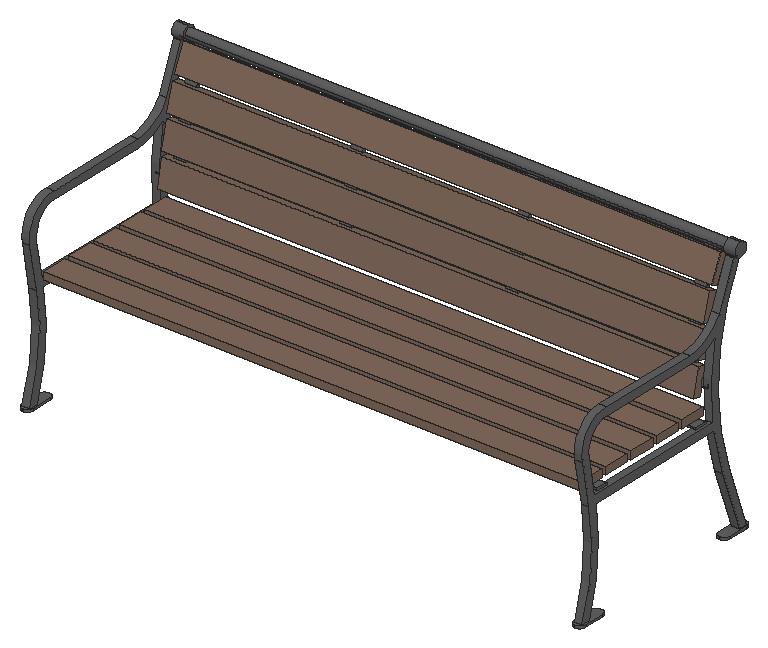
Revit family "Bench-SiteScapes-Avondale-Backed-Wood_Slat", category Furniture, Revit 2015
Parameters (values of type "AV1-1000")
  URL = "http://www.sitescapesonline.com/index.asp"
  Type Comments = "Backed Bench"
  Side Panel Width = Length  # 6' - 0"
  Seat Material = Wood - SiteScapes - IPE - Brown
  Product data url = "https://bimobject.com/sitescapes/product/sitescapes-003a"
  Product Page URL = "http://www.sitescapesonline.com/avondale-park-benches.asp"
  Product Documentation Link = "http://www.sitescapesonline.com/PDF/AV1-1000%20-%20Customer%20Print.PDF"
  Panel Seat Inset Bottom = 1' - 3 23/32"
  Panel Seat Inset Back = 2' - 1 21/32"
  Panel Back Width = 5' - 10"
  Panel Back Inset Bottom = 2' - 8 21/32"
  Model = "AV1-1000"
  Manufacturer = "SiteScapes Inc."  # constant formula
  Length = 6' - 0"
  Height = 2' - 9 7/8"
  Frame Width = 5' - 10"
  Bench Material = Steel - SiteScapes - Powder Coat - Onyx
  Frame Back Inset Bottom = 2' - 9 11/16"
  Frame Back Inset Back = 0' - 1 1/16"
  Description = "Wood Slat, Backed Bench, Six foot length, Steel Bar Ends"
  Depth = 2' - 4 45/64"
  Copyright © = "2010 SiteScapes Inc."  # constant formula
  Center Armrest Inset Back = 0' - 4 7/8"
  Bracing Inset Bottom = 1' - 2 23/32"
  Bracing Inset Back = 2' - 0 23/128"
  Armrest Inset Bottom = 1' - 3 3/16"
  Arm Rest Inset Back = 1' - 8"
  Arm Rest Type = Unused-SiteScapes-Component : Empty Space
  Arm Rest Center = Unused-SiteScapes-Component : Empty Space
  Panel Back Type = Panel-Back-SiteScapes-Wood_Slat : Wood_Slats-6ft
  Seat Panel = Seat-Panel-SiteScapes-Wood_Slat : Wood_Slat-6ft
  Bracing Horizontal Type = Bracing-Horizontal-SiteScapes-Steel_Flat_Bar : 1 1/2"x1/4"
  Back Type = Frame-Back-SiteScapes-Steel_Bar : 5 5/8"x1' 3 13/32"
  Bench End = Bench-End-SiteScapes-Steel_Bar : 27 3/4"x33 7/8"
Reference planes (in)
  plane 1 "Center Front/Back": y = 0
  plane 2 "Original Bottom": z = 0
  plane 3 "Center Left/Right": x = 0
  plane 4 "Left": x = -36
  plane 5 "Right": x = 36
  plane 6 "Side Panel Width L": x = -37
  plane 7 "Side Panel Width R": x = 37
  plane 8 "Front": y = -28.70312
  plane 9 "Frame Side Origin F/B": y = 0
  plane 10 "Frame Side Origin T/B": z = 0
  plane 11 "Frame Back Origin F/B": y = -1.0625
  plane 12 "Frame Back Origin T/B": z = 33.6875
  plane 13 "Bracing Origin F/B": y = -24.17969
  plane 14 "Bracing Origin T/B": z = 14.71875
  plane 15 "Panel Seat Origin F/B": y = -25.65625
  plane 16 "Panel Seat Origin T/B": z = 15.71875
  plane 17 "Panel Back Origin F/B": y = -1.96875
  plane 18 "Panel Back Origin T/B": z = 32.65625
  plane 19 "Panel Side Origin F/B": y = -5.5
  plane 20 "Panel Side Origin T/B": z = 14.72
  plane 21 "Top": z = 33.875
  plane 22 "Side Panel Right": x = 36
  plane 23 "Side Panel Left": x = -36
  plane 24 "Arm Rest Origin T/B": z = 15.1875
  plane 25 "Arm Rest Origin F/B": y = -4.875
Dimensions and locks (in)
  equal spacing: plane 4 "Left", plane 3 "Center Left/Right", plane 5 "Right"
  "Length": plane 4 "Left" to plane 5 "Right"
  locked: plane 6 "Side Panel Width L" to plane 23 "Side Panel Left" at 1
  locked: plane 22 "Side Panel Right" to plane 7 "Side Panel Width R" at 1
  locked: plane 9 "Frame Side Origin F/B" to plane 1 "Center Front/Back"
  locked: plane 17 "Panel Back Origin F/B" to plane 1 "Center Front/Back" at 1.96875
  "Frame Back Inset Back": plane 11 "Frame Back Origin F/B" to plane 1 "Center Front/Back"
  locked: plane 19 "Panel Side Origin F/B" to plane 1 "Center Front/Back" at 5.5
  "Bracing Inset Back": plane 13 "Bracing Origin F/B" to plane 1 "Center Front/Back"
  "Panel Seat Inset Back": plane 15 "Panel Seat Origin F/B" to plane 1 "Center Front/Back"
  "Depth": plane 8 "Front" to plane 1 "Center Front/Back"
  locked: plane 10 "Frame Side Origin T/B" to plane 2 "Original Bottom"
  "Frame Back Inset Bottom": plane 12 "Frame Back Origin T/B" to plane 2 "Original Bottom"
  "Panel Back Inset Bottom": plane 18 "Panel Back Origin T/B" to plane 2 "Original Bottom"
  "Bracing Inset Bottom": plane 14 "Bracing Origin T/B" to plane 2 "Original Bottom"
  locked: plane 20 "Panel Side Origin T/B" to plane 2 "Original Bottom" at 14.72
  "Panel Seat Inset Bottom": plane 16 "Panel Seat Origin T/B" to plane 2 "Original Bottom"
  "Height": plane 21 "Top" to plane 2 "Original Bottom"
  equal spacing: plane 23 "Side Panel Left", plane 3 "Center Left/Right", plane 22 "Side Panel Right"
  "Side Panel Width": plane 23 "Side Panel Left" to plane 22 "Side Panel Right"
  "Armrest Inset Bottom": plane 24 "Arm Rest Origin T/B" to plane 2 "Original Bottom"
  "Center Armrest Inset Back": plane 25 "Arm Rest Origin F/B" to plane 9 "Frame Side Origin F/B"
  aligned and locked: level to plane 2 "Original Bottom"
  aligned: nested 1 to plane 5 "Right"
  aligned: plane 4 "Left" to nested 2
  aligned: nested 1 to plane 10 "Frame Side Origin T/B"
  aligned: nested 1 to plane 9 "Frame Side Origin F/B"  (x2)
  aligned and locked: plane 3 "Center Left/Right" to nested 3
  aligned: nested 3 to plane 17 "Panel Back Origin F/B"
  aligned: plane 18 "Panel Back Origin T/B" to nested 3
  aligned and locked: plane 14 "Bracing Origin T/B" to nested 4
  aligned and locked: plane 13 "Bracing Origin F/B" to nested 4
  aligned and locked: plane 3 "Center Left/Right" to nested 4
  aligned: plane 15 "Panel Seat Origin F/B" to nested 5
  aligned and locked: plane 3 "Center Left/Right" to nested 5
  aligned: plane 10 "Frame Side Origin T/B" to nested 1
  aligned: plane 16 "Panel Seat Origin T/B" to nested 5
  aligned: nested 1 to plane 22 "Side Panel Right"
  aligned: plane 23 "Side Panel Left" to nested 2
  aligned and locked: plane 20 "Panel Side Origin T/B" to nested 6
  aligned and locked: nested 6 to plane 19 "Panel Side Origin F/B"
  aligned and locked: nested 7 to plane 19 "Panel Side Origin F/B"
  aligned and locked: plane 20 "Panel Side Origin T/B" to nested 7
  aligned and locked: plane 23 "Side Panel Left" to nested 7
  aligned and locked: nested 6 to plane 22 "Side Panel Right"
  aligned and locked: nested 8 to plane 25 "Arm Rest Origin F/B"
  aligned and locked: plane 24 "Arm Rest Origin T/B" to nested 8
  aligned and locked: plane 3 "Center Left/Right" to nested 8
  aligned and locked: plane 10 "Frame Side Origin T/B" to nested 2
  aligned and locked: plane 10 "Frame Side Origin T/B" to nested 1
  aligned: nested 2 to plane 9 "Frame Side Origin F/B"
  aligned and locked: nested 5 to nested 9
  aligned and locked: nested 3 to nested 9
  aligned: plane 24 "Arm Rest Origin T/B" to nested 9
  aligned and locked: nested 2 to plane 23 "Side Panel Left"
  aligned and locked: nested 1 to plane 22 "Side Panel Right"
  aligned and locked: plane 16 "Panel Seat Origin T/B" to nested 5
  aligned and locked: plane 15 "Panel Seat Origin F/B" to nested 5
  aligned: plane 17 "Panel Back Origin F/B" to nested 9
  aligned and locked: nested 11 to plane 11 "Frame Back Origin F/B"
  aligned and locked: plane 12 "Frame Back Origin T/B" to nested 11
  aligned and locked: nested 3 to plane 17 "Panel Back Origin F/B"
  aligned and locked: nested 1 to plane 9 "Frame Side Origin F/B"
  aligned and locked: nested 2 to plane 9 "Frame Side Origin F/B"
  aligned and locked: plane 18 "Panel Back Origin T/B" to nested 3
  aligned and locked: plane 2 "Original Bottom" to nested 10
  aligned and locked: plane 1 "Center Front/Back" to nested 10
Nested families (in)
  nested 1: "Bench-End-SiteScapes-Steel_Bar" at (36, 0, 0), type <- "Bench End", type "27 3/4"x33 7/8""
  nested 2: "Bench-End-SiteScapes-Steel_Bar" at (-36, 0, 0), type <- "Bench End", type "27 3/4"x33 7/8""
  nested 3: "Panel-Back-SiteScapes-Wood_Slat" at (0, -1.96875, 17.10204), type <- "Panel Back Type", type "Wood_Slats-6ft"
  nested 4: "Bracing-Horizontal-SiteScapes-Steel_Flat_Bar" at (0, -6.55469, 14.46875), type <- "Bracing Horizontal Type", type "1 1/2"x1/4""
  nested 5: "Seat-Panel-SiteScapes-Wood_Slat" at (0, -5.65625, 14.71875), type <- "Seat Panel", type "Wood_Slat-6ft"
  nested 6: "Unused-SiteScapes-Component" at (34, -5.5, 14.72), type "Empty Space"
  nested 7: "Unused-SiteScapes-Component" at (-34, -5.5, 14.72), type "Empty Space"
  nested 8: "Unused-SiteScapes-Component" at (0, -4.875, 15.1875), type <- "Arm Rest Center", type "Empty Space"
  nested 9: "Unused-SiteScapes-Component" at (-35.25, -1.96875, 14.71875), type <- "Arm Rest Type", type "Empty Space"
  nested 10: "Unused-SiteScapes-Component" at (35, 0, 0), type <- "Arm Rest Type", type "Empty Space"
  nested 11: "Frame-Back-SiteScapes-Steel_Bar" at (0, -1.0625, 18.28906), type <- "Back Type", type "5 5/8"x1' 3 13/32""
Definition of nested family "Bench-End-SiteScapes-Steel_Bar"
  Parameters
    Width = 0' - 1"
    URL = "http://www.sitescapesonline.com/index.asp"
    Product Page URL = ""
    Product Documentation Link = ""
    Material = none
    Manufacturer = "SiteScapes Inc."  # constant formula
    Frame Back Height = 2' - 9 7/8"
    Depth = 2' - 3 3/4"
    Copyright © = "2010 SiteScapes Inc."  # constant formula
    Bracing Height Inset = 1' - 2 1/2"
    Assembly Code = ""
    Arm Rest Height = 2' - 0"
  Reference planes (in)
    plane 1 "Center (Front/Back)": y = 0
    plane 2 "Original Bottom": z = 0
    plane 3 "Center (Left/Right)": x = 0
    plane 4 "Left": x = -0.5
    plane 5 "Right": x = 0.5
    plane 6 "Front": y = -27.75
    plane 7 "Top": z = 33.875
    plane 8 "Arm Rest Top": z = 24
    plane 9 "Frame Horizontal Top": z = 14.5
    plane 10 "Right Offset": x = 0.75
    plane 11 "Left Offset": x = -0.75
    plane 12 "Front Inset": y = -23.5
    plane 13 "Back Inset": y = -4.25
    plane 14 "Bottom Base": z = 0.25
  Forms (in)
    Sweep 1, solid, material <- "Material", detail levels medium+fine
      path origin (0, 0, 0) x (1, 0, 0) y (0, 0, 1)
        loop
          line (0.5, 33.875) -> (-0.5, 33.875)
      profile origin (0, 0, 33.875) x (0, 0, -1) y (0, -1, 0)
        loop
          line (1.51471, 2.59182) -> (1.40441, 2.53299) -> (1.875, 1.65064) -> (1.98051, 1.70691)
          arc (1.98051, 1.70691) -> (13.6739, 5.07687) -> (25.72665, 3.39662) r 29.25
          line (25.72665, 3.39662) -> (33.625, 0.53078) -> (33.625, 1.59457) -> (26.06671, 4.33702)
          arc (26.06671, 4.33702) -> (23.25634, 5.20452) -> (20.375, 5.79498) r 30.25
          line (20.375, 5.79498) -> (20.375, 25.1044)
          arc (20.375, 25.1044) -> (27.07034, 24.78433) -> (33.625, 26.1866) r 26
          line (33.625, 26.1866) -> (33.625, 27.25)
          arc (33.625, 27.25) -> (27.04652, 25.78578) -> (20.31596, 26.132) r 25
          line (20.31596, 26.132) -> (14.67898, 27.19453)
          arc (14.67898, 27.19453) -> (11.34675, 26.37583) -> (9.875, 23.27616) r 4
          line (9.875, 23.27616) -> (9.875, 9.58814)
          arc (9.875, 9.58814) -> (9.13376, 6.86437) -> (7.11447, 4.89185) r 5.375
          arc (7.11447, 4.89185) -> (4.25691, 3.88226) -> (1.51471, 2.59182) r 30.25
        loop
          arc (10.87482, 9.58712) -> (10.48587, 7.39449) -> (9.36649, 5.46943) r 6.37474
          arc (9.36649, 5.46943) -> (14.35143, 6.11829) -> (19.375, 5.93265) r 30.25
          line (19.375, 5.93265) -> (19.375, 25.29176) -> (14.43146, 26.22358)
          arc (14.43146, 26.22358) -> (11.9605, 25.58533) -> (10.875, 23.27564) r 3
          line (10.875, 23.27564) -> (10.87482, 9.58712)
    Sweep 2, solid, material <- "Material", detail levels medium+fine
      path origin (0, 0, 0) x (1, 0, 0) y (0, 0, 1)
        loop
          line (0.75, 33.875) -> (-0.75, 33.875)
      profile origin (0, 0, 33.875) x (0, 0, -1) y (0, -1, 0)
        loop
          circle (0.87465, 1.69538) r 0.875
    Extrusion 3, solid, material <- "Material", detail levels medium+fine
      sketch origin (-35.89032, -36.63286, 0) x (1, 0, 0) y (0, 1, 0)
        loop
          arc (36.64032, 35.88337) -> (35.89032, 36.63337) -> (35.14032, 35.88337) r 0.75
          line (35.14032, 35.88337) -> (35.14032, 33.13286)
          arc (35.14032, 33.13286) -> (35.35999, 32.60253) -> (35.89032, 32.38286) r 0.75
          arc (35.89032, 32.38286) -> (36.42065, 32.60253) -> (36.64032, 33.13286) r 0.75
          line (36.64032, 33.13286) -> (36.64032, 35.88337)
      from 0 to 0.25
    Extrusion 4, solid, material <- "Material", detail levels medium+fine
      sketch origin (-35.89032, -60.13286, 0) x (1, 0, 0) y (0, 1, 0)
        loop
          arc (36.64032, 35.88337) -> (35.89032, 36.63337) -> (35.14032, 35.88337) r 0.75
          line (35.14032, 35.88337) -> (35.14032, 33.13286)
          arc (35.14032, 33.13286) -> (35.35999, 32.60253) -> (35.89032, 32.38286) r 0.75
          arc (35.89032, 32.38286) -> (36.42065, 32.60253) -> (36.64032, 33.13286) r 0.75
          line (36.64032, 33.13286) -> (36.64032, 35.88337)
      from 0 to 0.25
  Cuts and joins
    joined: Sweep 1, Extrusion 3, Extrusion 4
  Lines and regions (in)
    Masking region 1, detail levels medium+fine
      outline origin (0, 0, 0) x (0, 1, 0) y (0, 0, 1)
        loop
          line (-9.58814, 24) -> (-23.27616, 24)
          arc (-23.27616, 24) -> (-26.37583, 22.52825) -> (-27.19453, 19.19602) r 4
          line (-27.19453, 19.19602) -> (-26.132, 13.55904)
          arc (-26.132, 13.55904) -> (-25.78578, 6.82848) -> (-27.25, 0.25) r 25
          line (-27.25, 0.25) -> (-27.75, 0.25) -> (-27.75, 0) -> (-23.5, 0) -> (-23.5, 0.25) -> (-26.1866, 0.25)
          arc (-26.1866, 0.25) -> (-24.78433, 6.80466) -> (-25.1044, 13.5) r 26
          line (-25.1044, 13.5) -> (-5.79498, 13.5)
          arc (-5.79498, 13.5) -> (-5.20452, 10.61866) -> (-4.33702, 7.80829) r 30.25
          line (-4.33702, 7.80829) -> (-1.59457, 0.25) -> (-4.25, 0.25) -> (-4.25, 0) -> (0, 0) -> (0, 0.25) -> (-0.53078, 0.25) -> (-3.39662, 8.14835)
          arc (-3.39662, 8.14835) -> (-5.07687, 20.2011) -> (-1.70691, 31.8945) r 29.25
          line (-1.70691, 31.8945) -> (-1.65064, 32) -> (-2.53299, 32.47059) -> (-2.59181, 32.36029)
          arc (-2.59181, 32.36029) -> (-3.88226, 29.61809) -> (-4.89185, 26.76053) r 30.25
          arc (-4.89185, 26.76053) -> (-6.86437, 24.74124) -> (-9.58814, 24) r 5.375
        loop
          line (-25.29176, 14.5) -> (-5.93265, 14.5)
          arc (-5.93265, 14.5) -> (-6.11829, 19.52357) -> (-5.46943, 24.50851) r 30.25
          arc (-5.46943, 24.50851) -> (-7.39449, 23.38913) -> (-9.58712, 23.00018) r 6.37474
          line (-9.58712, 23.00018) -> (-23.27564, 23)
          arc (-23.27564, 23) -> (-25.58533, 21.9145) -> (-26.22358, 19.44354) r 3
          line (-26.22358, 19.44354) -> (-25.29176, 14.5)
    Masking region 2
      outline origin (0, 0, 0) x (0, 1, 0) y (0, 0, 1)
        loop
          circle (-1.69538, 33.00035) r 0.875
    Masking region 3, detail levels medium+fine
      outline origin (0, -27.75, 0) x (-1, 0, 0) y (0, 0, 1)
        loop
          line (0.75, 0) -> (0.75, 0.25) -> (0.5, 0.25) -> (0.5, 32.12535) -> (0.75, 32.12535) -> (0.75, 33.875) -> (-0.75, 33.875) -> (-0.75, 32.12777) -> (-0.5, 32.12777) -> (-0.5, 0.25) -> (-0.75, 0.25) -> (-0.75, 0) -> (0.75, 0)
    Masking region 4, detail levels medium+fine
      outline origin (0, -27.75, 0) x (-1, 0, 0) y (0, 0, 1)
        loop
          line (0.75, 33.875) -> (-0.75, 33.875) -> (-0.75, 32.12777) -> (-0.5, 32.12777) -> (-0.5, 0.25) -> (-0.75, 0.25) -> (-0.75, 0) -> (0.75, 0) -> (0.75, 0.25) -> (0.5, 0.25) -> (0.5, 32.12535) -> (0.75, 32.12535) -> (0.75, 33.875)
    Masking region 5, detail levels medium+fine
      outline origin (0, 0, 0) x (1, 0, 0) y (0, 1, 0)
        loop
          line (0.5, -0.53078) -> (-0.5, -0.53078) -> (-0.5, -27.25) -> (0.5, -27.25) -> (0.5, -0.53078)
    Masking region 6, detail levels fine
      outline origin (0, 0, 0.25) x (0, -1, 0) y (1, 0, 0)
        loop
          line (24.24979, -0.75) -> (27, -0.75)
          arc (27, -0.75) -> (27.53033, -0.53033) -> (27.75, 0) r 0.75
          arc (27.75, 0) -> (27.53033, 0.53033) -> (27, 0.75) r 0.75
          line (27, 0.75) -> (24.24979, 0.75)
          arc (24.24979, 0.75) -> (23.49979, 0) -> (24.24979, -0.75) r 0.75
        loop
          line (0.75039, -0.75) -> (3.50127, -0.75)
          arc (3.50127, -0.75) -> (4.0316, -0.53033) -> (4.25127, 0) r 0.75
          arc (4.25127, 0) -> (4.0316, 0.53033) -> (3.50127, 0.75) r 0.75
          line (3.50127, 0.75) -> (0.74949, 0.75)
          arc (0.74949, 0.75) -> (-0.00051, -0.00045) -> (0.75039, -0.75) r 0.75
    model lines, detail levels coarse
      curve 1: circle (0, -1.69538, 33.00035) r 0.875 normal (1, 0, 0)
      curve 2: arc (0, -26.11242, 13.45516) -> (0, -25.77486, 6.64661) -> (0, -27.28907, 0) r 24.99948
      curve 3: line (0, -27.19435, 19.19507) -> (0, -26.11242, 13.45516)
      curve 4: arc (0, -23.27608, 24) -> (0, -26.37609, 22.52788) -> (0, -27.19435, 19.19507) r 4.00008
      curve 5: line (0, -9.58814, 24) -> (0, -23.27608, 24)
      curve 6: line (0, -4.92514, 14.5) -> (0, -26.30937, 14.5)
      curve 7: arc (0, -7.77182, 24.31616) -> (0, -8.66633, 24.07963) -> (0, -9.58814, 24) r 5.37544
      curve 8: arc (0, -3.2901, 7.85952) -> (0, -5.07816, 20.18287) -> (0, -1.57809, 32.13325) r 29.25
      curve 9: line (0, -0.44017, 0) -> (0, -3.2901, 7.85952)
      curve 10: line (0, -7.77182, 24.31616) -> (0, -3.99724, 26.25788)
  Dimensions and locks (in)
    equal spacing: plane 4 "Left", plane 3 "Center (Left/Right)", plane 5 "Right"
    "Width": plane 4 "Left" to plane 5 "Right"
    "Depth": plane 6 "Front" to plane 1 "Center (Front/Back)"
    "Frame Back Height": plane 7 "Top" to plane 2 "Original Bottom"
    "Arm Rest Height": plane 8 "Arm Rest Top" to plane 2 "Original Bottom"
    "Bracing Height Inset": plane 9 "Frame Horizontal Top" to plane 2 "Original Bottom"
    locked: plane 5 "Right" to plane 10 "Right Offset" at 0.25
    locked: plane 11 "Left Offset" to plane 4 "Left" at 0.25
    Sweep 2 sketch curve to Sweep 1 = 0' - 0.86161"
    locked: plane 8 "Arm Rest Top" to Sweep 1 sketch curve at 0.99982
    locked: Sweep 1 sketch curve to Sweep 1 sketch curve at 1.00712
    locked: plane 9 "Frame Horizontal Top" to Sweep 1 sketch curve at 1
    locked: Sweep 1 sketch curve to plane 2 "Original Bottom" at 0.25  (x2)
    locked: plane 6 "Front" to Sweep 1 sketch curve at 0.5
    locked: Sweep 1 sketch curve to plane 1 "Center (Front/Back)" at 0.53078
    locked: plane 13 "Back Inset" to plane 1 "Center (Front/Back)" at 4.25
    locked: plane 6 "Front" to plane 12 "Front Inset" at 4.25
    locked: plane 14 "Bottom Base" to plane 2 "Original Bottom" at 0.25
    aligned and locked: plane 2 "Original Bottom" to level
    aligned and locked: plane 5 "Right" to Sweep 1 sketch curve
    aligned and locked: plane 4 "Left" to Sweep 1 sketch curve
    aligned and locked: plane 7 "Top" to Sweep 1 sketch curve
    aligned and locked: plane 10 "Right Offset" to Sweep 2 sketch curve
    aligned and locked: plane 11 "Left Offset" to Sweep 2 sketch curve
    aligned and locked: plane 7 "Top" to Sweep 2 sketch curve
    aligned and locked: plane 9 "Frame Horizontal Top" to Sweep 1 sketch curve
    aligned and locked: plane 8 "Arm Rest Top" to Sweep 1 sketch curve
    aligned and locked: Masking region 1 sketch curve to Sweep 1  (x11)
    aligned and locked: Masking region 2 sketch curve to Sweep 2  (x2)
    aligned and locked: Masking region 3 to plane 10 "Right Offset"
    aligned and locked: Masking region 3 to plane 7 "Top"
    aligned and locked: Masking region 3 to plane 11 "Left Offset"
    aligned and locked: Masking region 3 to plane 5 "Right"
    aligned and locked: Masking region 3 to plane 4 "Left"
    aligned and locked: level to Masking region 3
    aligned and locked: Masking region 4 sketch curve to Masking region 3  (x12)
    aligned and locked: plane 9 "Frame Horizontal Top" to curve 6
    aligned and locked: plane 8 "Arm Rest Top" to curve 5
    aligned and locked: Masking region 1 to curve 3
    aligned and locked: cut or joined group of Sweep 1, Extrusion 3, Extrusion 4 to Masking region 1 sketch curve
    aligned and locked: Masking region 1 sketch curve to cut or joined group of Sweep 1, Extrusion 3, Extrusion 4  (x5)
    aligned and locked: curve 8 to cut or joined group of Sweep 1, Extrusion 3, Extrusion 4
    aligned and locked: plane 2 "Original Bottom" to curve 2
    aligned and locked: plane 2 "Original Bottom" to curve 9
    aligned and locked: Masking region 5 sketch curve to plane 5 "Right"
    aligned and locked: plane 4 "Left" to Masking region 5 sketch curve
    aligned and locked: Masking region 5 sketch curve to cut or joined group of Sweep 1, Extrusion 3, Extrusion 4
    aligned and locked: plane 10 "Right Offset" to Masking region 6 sketch curve  (x2)
    aligned and locked: plane 11 "Left Offset" to Masking region 6 sketch curve
    aligned and locked: Masking region 6 sketch curve to cut or joined group of Sweep 1, Extrusion 3, Extrusion 4
    aligned and locked: plane 14 "Bottom Base" to Masking region 1 sketch curve  (x3)
    aligned and locked: plane 12 "Front Inset" to Masking region 1 sketch curve
    aligned and locked: Masking region 1 sketch curve to plane 2 "Original Bottom"  (x2)
    aligned and locked: Masking region 1 sketch curve to plane 6 "Front"
    aligned and locked: Masking region 1 sketch curve to plane 1 "Center (Front/Back)"
    aligned and locked: Masking region 1 sketch curve to plane 13 "Back Inset"
  Automatic sketch dimensions
    Sweep 1 sketch curve to Sweep 1 sketch curve = 0' - 0"  (x19)
    Sweep 1 sketch curve to Sweep 1 sketch curve = 0' - 0.50851"
    Sweep 1 sketch curve to Sweep 1 sketch curve = 0' - 2.25201"
    Sweep 1 sketch curve to profile plane = 0' - 4.50007"
    Sweep 1 sketch curve to Sweep 1 sketch curve = 0' - 0.00007"
    Sweep 1 sketch curve to profile plane = 0' - 1.98051"
    Sweep 1 sketch curve to Sweep 1 sketch curve = 0' - 0.1055"
    Sweep 1 sketch curve to Sweep 1 sketch curve = 0' - 0.4658"
    Sweep 1 sketch curve to Sweep 1 sketch curve = 0' - 0.11029"
    Sweep 1 sketch curve to Sweep 1 sketch curve = 0' - 0.00018"
    Sweep 1 sketch curve to Sweep 1 sketch curve = 0' - 3"
    Sweep 1 sketch curve to Sweep 1 sketch curve = 0' - 0.55646"
    Sweep 1 sketch curve to Sweep 1 sketch curve = 0' - 0.24752"
    Sweep 1 sketch curve to profile plane = 1' - 3 3/4"
    Sweep 1 sketch curve to Sweep 1 sketch curve = 0' - 0.05904"
    Sweep 1 sketch curve to profile plane = 2' - 0.95382"
    Sweep 1 sketch curve to Sweep 1 sketch curve = 0' - 5.35165"
    plane 1 "Center (Front/Back)" to Sweep 1 sketch curve = 0' - 3.39662"
    Sweep 1 sketch curve to Sweep 1 sketch curve = 0' - 0.34006"
    Sweep 1 sketch curve to plane 1 "Center (Front/Back)" = 2' - 0.09936"
    Sweep 1 sketch curve to Sweep 1 sketch curve = 0' - 1.06379"
    plane 1 "Center (Front/Back)" to Sweep 1 sketch curve = 0' - 1.65064"
    Sweep 1 sketch curve to Sweep 1 sketch curve = 0' - 0.05627"
    Sweep 1 sketch curve to Sweep 1 sketch curve = 0' - 0.05882"
    Sweep 1 sketch curve to Sweep 1 sketch curve = 0' - 0.9404"
    Sweep 1 sketch curve to Sweep 1 sketch curve = 0' - 0.57758"
    Sweep 1 sketch curve to Sweep 1 sketch curve = 1' - 1.68852"
    Sweep 1 sketch curve to Sweep 1 sketch curve = 0' - 0.00053"
    Sweep 1 sketch curve to Sweep 1 sketch curve = 0' - 1.11918"
    Sweep 1 sketch curve to Sweep 1 sketch curve = 0' - 0.18736"
    Sweep 1 sketch curve to Sweep 1 sketch curve = 0' - 1.0276"
    Sweep 2 sketch curve to profile plane = 0' - 0.87465"
    Masking region 3 sketch curve to plane 7 "Top" = 0' - 0"
    Masking region 3 sketch curve to plane 10 "Right Offset" = 0' - 0"  (x2)
    Masking region 3 sketch curve to level = 0' - 0"
    Masking region 3 sketch curve to plane 5 "Right" = 0' - 0"
    plane 4 "Left" to Masking region 3 sketch curve = 0' - 0"
    plane 11 "Left Offset" to Masking region 3 sketch curve = 0' - 0"  (x2)
    Masking region 3 sketch curve to plane 14 "Bottom Base" = 0' - 0"  (x2)
    Masking region 3 sketch curve to plane 7 "Top" = 0' - 1.74965"
    Masking region 3 sketch curve to Masking region 3 sketch curve = 0' - 0.00242"
    Extrusion 3 sketch curve to plane 11 "Left Offset" = 0' - 0"  (x2)
    Extrusion 3 sketch curve to plane 13 "Back Inset" = 0' - 0"
    Extrusion 3 sketch curve to plane 10 "Right Offset" = 0' - 0"
    Extrusion 3 sketch curve to Extrusion 3 sketch curve = 0' - 0"  (x2)
    plane 3 "Center (Left/Right)" to Extrusion 3 sketch curve = 0' - 0"
    plane 1 "Center (Front/Back)" to Extrusion 3 sketch curve = 0' - 0.74949"  (x2)
    Extrusion 4 sketch curve to plane 11 "Left Offset" = 0' - 0"  (x2)
    Extrusion 4 sketch curve to plane 6 "Front" = 0' - 0"
    Extrusion 4 sketch curve to plane 10 "Right Offset" = 0' - 0"
    Extrusion 4 sketch curve to Extrusion 4 sketch curve = 0' - 0"  (x2)
    plane 3 "Center (Left/Right)" to Extrusion 4 sketch curve = 0' - 0"
    Extrusion 4 sketch curve to plane 12 "Front Inset" = 0' - 0.74949"  (x2)
    plane 1 "Center (Front/Back)" to Masking region 5 sketch curve = 0' - 0.53078"
    plane 3 "Center (Left/Right)" to Masking region 6 sketch curve = 0' - 0"  (x2)
    plane 13 "Back Inset" to Masking region 6 sketch curve = 0' - 0.74873"
    Masking region 6 sketch curve to plane 3 "Center (Left/Right)" = 0' - 0"
    Masking region 6 sketch curve to plane 12 "Front Inset" = 0' - 0.74979"  (x2)
    plane 10 "Right Offset" to Masking region 6 sketch curve = 0' - 0"
    plane 6 "Front" to Masking region 6 sketch curve = 0' - 0 3/4"  (x2)
    plane 6 "Front" to Masking region 1 sketch curve = 0' - 0.55547"
    Masking region 1 sketch curve to plane 9 "Frame Horizontal Top" = 0' - 0.94096"
    plane 12 "Front Inset" to Masking region 1 sketch curve = 0' - 0.22436"
    Masking region 1 sketch curve to Masking region 1 sketch curve = 0' - 0"
    Masking region 1 sketch curve to plane 7 "Top" = 0' - 1.51471"
    Masking region 1 sketch curve to Masking region 1 sketch curve = 0' - 0.05882"
    Masking region 1 sketch curve to Masking region 1 sketch curve = 0' - 0.88491"
    Masking region 1 sketch curve to Masking region 1 sketch curve = 0' - 0.05627"
    Masking region 1 sketch curve to Masking region 1 sketch curve = 0' - 0.1055"
    Masking region 1 sketch curve to Masking region 1 sketch curve = 0' - 0.11029"
    plane 6 "Front" to curve 4 = 0' - 0.55565"
    plane 6 "Front" to curve 2 = 0' - 0 59/128"
    curve 2 to plane 9 "Frame Horizontal Top" = 0' - 5.67551"
    curve 3 to plane 9 "Frame Horizontal Top" = 0' - 1.04484"
    plane 12 "Front Inset" to curve 4 = 0' - 0.22392"
    curve 7 to plane 13 "Back Inset" = 0' - 5.33814"
    plane 8 "Arm Rest Top" to curve 10 = 0' - 0.31616"
    curve 5 to curve 10 = 0' - 1.81632"
    plane 13 "Back Inset" to curve 10 = 0' - 0.25276"
    plane 13 "Back Inset" to curve 9 = 0' - 0.9599"
    plane 1 "Center (Front/Back)" to curve 1 = 0' - 1.69538"
    curve 1 to curve 8 = 0' - 0.11729"
    plane 1 "Center (Front/Back)" to curve 9 = 0' - 0.44017"
    curve 1 to plane 7 "Top" = 0' - 0.87465"
    radius of Sweep 2 sketch curve = 0' - 0 7/8"
Definition of nested family "Panel-Back-SiteScapes-Wood_Slat"
  Parameters
    Panel Width = 5' - 10"
    Product Page URL = ""
    Product Documentation Link = ""
    Material = none
    Height = 1' - 3.55421"
    Depth = 0' - 5.13426"
    Copyright © = ""
    Assembly Code = ""
  Reference planes (in)
    plane 1 "Center (Front/Back)": y = 0
    plane 2 "Original Bottom": z = 0
    plane 3 "Center (Left/Right)": x = 0
    plane 4 "Left": x = -35
    plane 5 "Right": x = 35
    plane 6 "Front": y = -5.13426
    plane 7 "Top": z = 15.55421
    plane 8 "Right Offset": x = 35.25
    plane 9 "Left Offset": x = -35.25
  Forms (in)
    Sweep 1, solid, material <- "Material", detail levels medium+fine
      path origin (0, 0, 0) x (1, 0, 0) y (0, 0, 1)
        loop
          line (35, 15.55421) -> (-35, 15.55421)
      profile origin (0, 0, 15.55421) x (0, 0, -1) y (0, -1, 0)
        loop
          line (12.09429, 3.48441) -> (15.55421, 4.15703) -> (15.36339, 5.13426) -> (11.90348, 4.46593) -> (12.09429, 3.48441)
        loop
          line (7.8371, 3.67562) -> (8.02791, 2.69399) -> (11.46362, 3.36183) -> (11.27281, 4.34345) -> (7.8371, 3.67562)
        loop
          line (0.45454, 0) -> (3.64714, 1.43433) -> (3.23733, 2.3465) -> (0, 0.89208) -> (0.45454, 0)
        loop
          line (4.14914, 1.62086) -> (7.50372, 2.61925) -> (7.21847, 3.5777) -> (3.86389, 2.57931) -> (4.14914, 1.62086)
  Lines and regions (in)
    Masking region 1, detail levels medium+fine
      outline origin (0, 0, 0) x (0, 1, 0) y (0, 0, 1)
        loop
          line (-1.43433, 11.90707) -> (0, 15.09967) -> (-0.89208, 15.55421) -> (-2.3465, 12.31688) -> (-1.43433, 11.90707)
        loop
          line (-2.61925, 8.05049) -> (-1.62086, 11.40507) -> (-2.57931, 11.69032) -> (-3.5777, 8.33574) -> (-2.61925, 8.05049)
        loop
          line (-3.36183, 4.09059) -> (-2.69399, 7.5263) -> (-3.67562, 7.71711) -> (-4.34345, 4.2814) -> (-3.36183, 4.09059)
        loop
          line (-4.15703, 0) -> (-3.48441, 3.45992) -> (-4.46593, 3.65073) -> (-5.13426, 0.19082) -> (-4.15703, 0)
    Masking region 2, detail levels medium+fine
      outline origin (0, -5.13426, 0) x (-1, 0, 0) y (0, 0, 1)
        loop
          line (35, 15.55421) -> (-35, 15.55421) -> (-35, 12.31688) -> (35, 12.31688) -> (35, 15.55421)
        loop
          line (35, 11.69032) -> (-35, 11.69032) -> (-35, 8.33574) -> (35, 8.33574) -> (35, 11.69032)
        loop
          line (35, 7.71711) -> (-35, 7.71711) -> (-35, 4.2814) -> (35, 4.2814) -> (35, 7.71711)
        loop
          line (35, 3.65073) -> (-35, 3.65073) -> (-35, 0) -> (35, 0) -> (35, 3.65073)
    Masking region 3, detail levels medium+fine
      outline origin (0, 0, 0) x (1, 0, 0) y (0, 1, 0)
        loop
          line (-35, 0) -> (-35, -0.89208) -> (35, -0.89208) -> (35, 0) -> (-35, 0)
        loop
          line (-35, -1.43433) -> (-35, -2.3465) -> (35, -2.3465) -> (35, -1.43433) -> (-35, -1.43433)
        loop
          line (-35, -2.57931) -> (-35, -3.48441) -> (35, -3.48441) -> (35, -2.57931) -> (-35, -2.57931)
        loop
          line (-35, -4.34345) -> (35, -4.34345) -> (35, -3.67562) -> (-35, -3.67562) -> (-35, -4.34345)
        loop
          line (-35, -4.80009) -> (-35, -5.13426) -> (35, -5.13426) -> (35, -4.80009) -> (-35, -4.80009)
    model lines, detail levels coarse
      curve 1: line (35, -0.89208, 15.55421) -> (-35, -0.89208, 15.55421)
      curve 2: line (-35, -0.89208, 15.55421) -> (-35, -2.3465, 12.31688)
      curve 3: line (-35, -2.3465, 12.31688) -> (35, -2.3465, 12.31688)
      curve 4: line (35, -0.89208, 15.55421) -> (35, -2.3465, 12.31688)
      curve 5: line (-35, -2.57931, 11.69032) -> (-35, -3.5777, 8.33574)
      curve 6: line (35, -2.57931, 11.69032) -> (-35, -2.57931, 11.69032)
      curve 7: line (35, -2.57931, 11.69032) -> (35, -3.5777, 8.33574)
      curve 8: line (-35, -3.5777, 8.33574) -> (35, -3.5777, 8.33574)
      curve 9: line (35, -4.34345, 4.2814) -> (-35, -4.34345, 4.2814)
      curve 10: line (35, -3.67562, 7.71711) -> (35, -4.34345, 4.2814)
      curve 11: line (35, -3.67562, 7.71711) -> (-35, -3.67562, 7.71711)
      curve 12: line (-35, -3.67562, 7.71711) -> (-35, -4.34345, 4.2814)
      curve 13: line (35, -4.46593, 3.65073) -> (-35, -4.46593, 3.65073)
      curve 14: line (-35, -4.46593, 3.65073) -> (-35, -5.13426, 0.19082)
      curve 15: line (-35, -5.13426, 0.19082) -> (35, -5.13426, 0.19082)
      curve 16: line (35, -4.46593, 3.65073) -> (35, -5.13426, 0.19082)
  Dimensions and locks (in)
    equal spacing: plane 4 "Left", plane 3 "Center (Left/Right)", plane 5 "Right"
    "Panel Width": plane 4 "Left" to plane 5 "Right"
    "Depth": plane 6 "Front" to plane 1 "Center (Front/Back)"
    "Height": plane 7 "Top" to plane 2 "Original Bottom"
    locked: plane 5 "Right" to plane 8 "Right Offset" at 0.25
    locked: plane 9 "Left Offset" to plane 4 "Left" at 0.25
    Masking region 2 sketch curve to Masking region 2 sketch curve = 0' - 3.23733"
    aligned and locked: plane 2 "Original Bottom" to level
    aligned and locked: plane 5 "Right" to Sweep 1 sketch curve
    aligned and locked: plane 4 "Left" to Sweep 1 sketch curve
    aligned and locked: plane 7 "Top" to Sweep 1 sketch curve
    aligned and locked: plane 1 "Center (Front/Back)" to Sweep 1 sketch curve
    aligned and locked: plane 2 "Original Bottom" to Sweep 1 sketch curve
    aligned and locked: Masking region 1 sketch curve to Sweep 1  (x16)
    aligned and locked: Sweep 1 to Masking region 2 sketch curve
    aligned and locked: Masking region 2 sketch curve to Sweep 1  (x3)
    aligned and locked: Masking region 3 sketch curve to Sweep 1  (x6)
    aligned and locked: curve 1 to Sweep 1
    aligned and locked: curve 2 to Sweep 1
    aligned and locked: curve 3 to Sweep 1
    aligned and locked: curve 4 to Sweep 1
    aligned and locked: Sweep 1 to curve 5
    aligned and locked: curve 6 to Sweep 1
    aligned and locked: Sweep 1 to curve 7
    aligned and locked: curve 8 to Sweep 1
    aligned and locked: curve 9 to Sweep 1
    aligned and locked: Sweep 1 to curve 10
    aligned and locked: curve 11 to Sweep 1
    aligned and locked: Sweep 1 to curve 12
    aligned and locked: curve 13 to Sweep 1
    aligned and locked: Sweep 1 to curve 14
    aligned and locked: curve 15 to Sweep 1
    aligned and locked: Sweep 1 to curve 16
    aligned and locked: Masking region 2 sketch curve to curve 3
    aligned and locked: Masking region 2 sketch curve to curve 6
    aligned and locked: Masking region 2 sketch curve to curve 5
    aligned and locked: Masking region 2 sketch curve to curve 8
    aligned and locked: Masking region 2 sketch curve to curve 7
    aligned and locked: Masking region 2 sketch curve to curve 11
    aligned and locked: Masking region 2 sketch curve to curve 12
    aligned and locked: Masking region 2 sketch curve to curve 9
    aligned and locked: Masking region 2 sketch curve to curve 10
    aligned and locked: Masking region 2 sketch curve to curve 13
    aligned and locked: Masking region 2 sketch curve to curve 14
    aligned and locked: Masking region 3 sketch curve to curve 1
    aligned and locked: Masking region 3 sketch curve to curve 3
    aligned and locked: curve 4 to Masking region 3 sketch curve
    aligned and locked: Masking region 3 sketch curve to curve 6
    aligned and locked: Masking region 3 sketch curve to curve 5
    aligned and locked: Masking region 3 sketch curve to Masking region 3 sketch curve
    aligned and locked: Masking region 3 sketch curve to curve 9
    aligned and locked: Masking region 3 sketch curve to curve 14
    aligned and locked: Masking region 3 sketch curve to curve 15
    aligned and locked: Sweep 1 to Masking region 3 sketch curve  (x2)
    aligned and locked: Masking region 3 sketch curve to curve 7
    aligned and locked: Masking region 3 sketch curve to curve 11
  Automatic sketch dimensions
    Sweep 1 sketch curve to profile plane = 0' - 0"
    Sweep 1 sketch curve to profile plane = 0' - 0.45454"
    Sweep 1 sketch curve to profile plane = 0' - 3.23733"
    plane 1 "Center (Front/Back)" to Sweep 1 sketch curve = 0' - 1.43433"
    Sweep 1 sketch curve to Sweep 1 sketch curve = 0' - 0.40981"
    Sweep 1 sketch curve to Sweep 1 sketch curve = 0' - 0.62656"
    plane 1 "Center (Front/Back)" to Sweep 1 sketch curve = 0' - 1.62086"
    Sweep 1 sketch curve to Sweep 1 sketch curve = 0' - 0.50201"
    plane 1 "Center (Front/Back)" to Sweep 1 sketch curve = 0' - 3.5777"
    Sweep 1 sketch curve to Sweep 1 sketch curve = 0' - 3.35458"
    plane 1 "Center (Front/Back)" to Sweep 1 sketch curve = 0' - 2.61925"
    plane 1 "Center (Front/Back)" to Sweep 1 sketch curve = 0' - 3.67562"
    Sweep 1 sketch curve to Sweep 1 sketch curve = 0' - 0.61864"
    plane 1 "Center (Front/Back)" to Sweep 1 sketch curve = 0' - 2.69399"
    Sweep 1 sketch curve to Sweep 1 sketch curve = 0' - 0.52419"
    plane 1 "Center (Front/Back)" to Sweep 1 sketch curve = 0' - 4.34345"
    plane 1 "Center (Front/Back)" to Sweep 1 sketch curve = 0' - 3.36183"
    plane 1 "Center (Front/Back)" to Sweep 1 sketch curve = 0' - 4.46593"
    Sweep 1 sketch curve to Sweep 1 sketch curve = 0' - 0.63067"  (x2)
    plane 1 "Center (Front/Back)" to Sweep 1 sketch curve = 0' - 3.48441"
    plane 1 "Center (Front/Back)" to Sweep 1 sketch curve = 0' - 5.13426"
    Sweep 1 sketch curve to Sweep 1 sketch curve = 0' - 0.19082"
    plane 6 "Front" to Masking region 3 sketch curve = 0' - 0.33416"
Definition of nested family "Bracing-Horizontal-SiteScapes-Steel_Flat_Bar"
  Parameters
    Frame Width = 6' - 0"
    Product Page URL = ""
    Product Documentation Link = ""
    Material = none
    Height = 0' - 0 1/4"
    Has Support Bars [instance] = yes
    Depth = 1' - 5 5/8"
    Copyright © = ""
    Bracing Bar Depth = 0' - 1 1/2"
  Reference planes (in)
    plane 1 "Center (Front/Back)": y = 0
    plane 2 "Original Bottom": z = 0
    plane 3 "Center (Left/Right)": x = 0
    plane 4 "Left": x = -36
    plane 5 "Right": x = 36
    plane 6 "Front": y = -17.625
    plane 7 "Top": z = 0.25
    plane 8 "Front Inset": y = -16.125
    plane 9 "Back Inset": y = -1.5
    plane 10 "Bar 1 Left": x = -34
    plane 11 "Bar 1 Right": x = -32.5
    plane 12 "Bar 2 Left": x = -11.83333
    plane 13 "Bar 2 Right": x = -10.33333
    plane 14 "Bar 3 Left": x = 10.33333
    plane 15 "Bar 3 Right": x = 11.83333
    plane 16 "Bar 4 Left": x = 32.5
    plane 17 "Bar 4 Right": x = 34
  Forms (in)
    Sweep 1, solid, material <- "Material", detail levels medium+fine
      path origin (0, -17.625, 0) x (-1, 0, 0) y (0, 0, 1)
        loop
          line (-36, 0.25) -> (36, 0.25)
      profile origin (0, -17.625, 0.25) x (0, 0, 1) y (0, 1, 0)
        loop
          line (-0.25, 1.5) -> (-0.25, 0) -> (0, 0) -> (0, 1.5) -> (-0.25, 1.5)
    Sweep 2, solid, material <- "Material", visible <- "Has Support Bars", detail levels medium+fine
      path origin (0, 0, 0.05462) x (1, 0, 0) y (0, 0, 1)
        loop
          line (36, 0.19538) -> (-36, 0.19538)
      profile origin (0, 0, 0.25) x (0, 0, -1) y (0, -1, 0)
        loop
          line (0.25, 0) -> (0.25, 1.5) -> (0, 1.5) -> (0, 0) -> (0.25, 0)
    Sweep 3, solid, material <- "Material", visible <- "Has Support Bars", detail levels medium+fine
      path origin (0, 0, 0) x (0, 1, 0) y (0, 0, 1)
        loop
          line (-16.125, 0.25) -> (-1.5, 0.25)
      profile origin (0, -8.8125, 0.25) x (0, 0, 1) y (1, 0, 0)
        loop
          line (-0.25, 34) -> (-0.25, 32.5) -> (0, 32.5) -> (0, 34) -> (-0.25, 34)
        loop
          line (-0.25, 11.83333) -> (-0.25, 10.33333) -> (0, 10.33333) -> (0, 11.83333) -> (-0.25, 11.83333)
        loop
          line (-0.25, -10.33333) -> (-0.25, -11.83333) -> (0, -11.83333) -> (0, -10.33333) -> (-0.25, -10.33333)
        loop
          line (-0.25, -32.5) -> (-0.25, -34) -> (0, -34) -> (0, -32.5) -> (-0.25, -32.5)
  Lines and regions (in)
    Masking region 1, detail levels medium+fine
      outline origin (0, 0, 0) x (0, 1, 0) y (0, 0, 1)
        loop
          line (-17.625, 0.25) -> (-17.625, 0) -> (0, 0) -> (0, 0.25) -> (-17.625, 0.25)
    Masking region 2, detail levels medium+fine
      outline origin (0, -17.625, 0) x (-1, 0, 0) y (0, 0, 1)
        loop
          line (36, 0.25) -> (-36, 0.25) -> (-36, 0) -> (36, 0) -> (36, 0.25)
    Masking region 3, detail levels medium+fine
      outline origin (0, 0, 0) x (1, 0, 0) y (0, 1, 0)
        loop
          line (36, 0) -> (-36, 0) -> (-36, -1.5) -> (-34, -1.5) -> (-34, -16.125) -> (-36, -16.125) -> (-36, -17.625) -> (36, -17.625) -> (36, -16.125) -> (34, -16.125) -> (34, -1.5) -> (36, -1.5) -> (36, 0)
        loop
          line (-32.5, -16.125) -> (-11.83333, -16.125) -> (-11.83333, -1.5) -> (-32.5, -1.5) -> (-32.5, -16.125)
        loop
          line (-10.33333, -16.125) -> (10.33333, -16.125) -> (10.33333, -1.5) -> (-10.33333, -1.5) -> (-10.33333, -16.125)
        loop
          line (11.83333, -16.125) -> (32.5, -16.125) -> (32.5, -1.5) -> (11.83333, -1.5) -> (11.83333, -16.125)
    model lines, detail levels coarse
      curve 1: line (-36, -16.875, 0) -> (36, -16.875, 0)
      curve 2: line (36, -0.75, 0) -> (-36, -0.75, 0)
      curve 3: line (-33.25, -16.875, 0) -> (-33.25, -0.75, 0)
      curve 4: line (-11.08333, -16.875, 0) -> (-11.08333, -0.75, 0)
      curve 5: line (11.08333, -16.875, 0) -> (11.08333, -0.75, 0)
      curve 6: line (33.25, -16.875, 0) -> (33.25, -0.75, 0)
  Dimensions and locks (in)
    equal spacing: plane 4 "Left", plane 3 "Center (Left/Right)", plane 5 "Right"
    "Frame Width": plane 4 "Left" to plane 5 "Right"
    "Height": plane 7 "Top" to plane 2 "Original Bottom"
    "Depth": plane 6 "Front" to plane 1 "Center (Front/Back)"
    "Bracing Bar Depth": plane 6 "Front" to plane 8 "Front Inset"
    "Bracing Bar Depth": plane 9 "Back Inset" to plane 1 "Center (Front/Back)"
    plane 4 "Left" to plane 10 "Bar 1 Left" = 0' - 2"
    locked: plane 10 "Bar 1 Left" to plane 11 "Bar 1 Right" at 1.5
    locked: plane 12 "Bar 2 Left" to plane 13 "Bar 2 Right" at 1.5
    locked: plane 14 "Bar 3 Left" to plane 15 "Bar 3 Right" at 1.5
    locked: plane 16 "Bar 4 Left" to plane 17 "Bar 4 Right" at 1.5
    equal spacing: plane 11 "Bar 1 Right", plane 13 "Bar 2 Right", plane 15 "Bar 3 Right", plane 17 "Bar 4 Right"
    locked: plane 17 "Bar 4 Right" to plane 5 "Right" at 2
    equal spacing: Sweep 1, curve 1, Sweep 1, locked at 0.75 each
    equal spacing: Sweep 2, curve 2, Sweep 2, locked at 0.75 each
    equal spacing: Sweep 3, curve 3, Sweep 3, locked at 0.75 each
    equal spacing: Sweep 3, curve 4, Sweep 3, locked at 0.75 each
    equal spacing: Sweep 3, curve 5, Sweep 3, locked at 0.75 each
    equal spacing: Sweep 3, curve 6, Sweep 3, locked at 0.75 each
    aligned and locked: plane 2 "Original Bottom" to level
    aligned and locked: plane 5 "Right" to Sweep 1 sketch curve
    aligned and locked: plane 4 "Left" to Sweep 1 sketch curve
    aligned and locked: plane 7 "Top" to Sweep 1 sketch curve
    aligned and locked: profile plane to Sweep 1 sketch curve
    aligned and locked: plane 6 "Front" to Sweep 1 sketch curve
    aligned and locked: Sweep 1 sketch curve to plane 2 "Original Bottom"
    aligned and locked: plane 8 "Front Inset" to Sweep 1 sketch curve
    aligned and locked: profile plane to Sweep 2 sketch curve
    aligned and locked: plane 7 "Top" to Sweep 2 sketch curve
    aligned and locked: plane 4 "Left" to Sweep 2 sketch curve
    aligned and locked: plane 5 "Right" to Sweep 2 sketch curve
    aligned and locked: plane 1 "Center (Front/Back)" to Sweep 2 sketch curve
    aligned and locked: plane 9 "Back Inset" to Sweep 2 sketch curve
    aligned and locked: plane 2 "Original Bottom" to Sweep 2 sketch curve
    aligned and locked: plane 8 "Front Inset" to Sweep 3 sketch curve
    aligned and locked: plane 9 "Back Inset" to Sweep 3 sketch curve
    aligned and locked: Sweep 3 sketch curve to plane 7 "Top"  (x5)
    aligned and locked: plane 11 "Bar 1 Right" to Sweep 3 sketch curve
    aligned and locked: Sweep 3 sketch curve to plane 10 "Bar 1 Left"
    aligned and locked: Sweep 3 sketch curve to plane 12 "Bar 2 Left"
    aligned and locked: plane 13 "Bar 2 Right" to Sweep 3 sketch curve
    aligned and locked: Sweep 3 sketch curve to plane 14 "Bar 3 Left"
    aligned and locked: plane 15 "Bar 3 Right" to Sweep 3 sketch curve
    aligned and locked: plane 17 "Bar 4 Right" to Sweep 3 sketch curve
    aligned and locked: Sweep 3 sketch curve to plane 16 "Bar 4 Left"
    aligned and locked: plane 2 "Original Bottom" to Sweep 3 sketch curve  (x4)
    aligned and locked: Masking region 1 sketch curve to Sweep 1  (x2)
    aligned and locked: Masking region 2 sketch curve to Sweep 1  (x4)
    aligned and locked: Masking region 3 sketch curve to Sweep 1  (x3)
    aligned and locked: Masking region 3 sketch curve to plane 8 "Front Inset"
    aligned and locked: plane 12 "Bar 2 Left" to Masking region 3
    aligned and locked: Masking region 3 to plane 13 "Bar 2 Right"
    aligned and locked: Masking region 3 to plane 11 "Bar 1 Right"
    aligned and locked: plane 10 "Bar 1 Left" to Masking region 3
    aligned and locked: Masking region 3 to plane 9 "Back Inset"  (x3)
    aligned and locked: Masking region 3 to plane 15 "Bar 3 Right"
    aligned and locked: plane 14 "Bar 3 Left" to Masking region 3
    aligned and locked: plane 16 "Bar 4 Left" to Masking region 3
    aligned and locked: Masking region 3 to plane 17 "Bar 4 Right"
    aligned and locked: Masking region 3 to plane 8 "Front Inset"
    aligned and locked: plane 8 "Front Inset" to Masking region 3  (x2)
    aligned and locked: Masking region 3 to plane 1 "Center (Front/Back)"
    aligned and locked: Masking region 3 to plane 6 "Front"
    aligned and locked: plane 4 "Left" to Masking region 3  (x2)
    aligned and locked: plane 5 "Right" to Masking region 3
    aligned and locked: Masking region 1 to level
    aligned and locked: Masking region 1 to plane 1 "Center (Front/Back)"
    aligned and locked: curve 2 to curve 6
    aligned and locked: curve 1 to curve 6
  Automatic sketch dimensions
    Masking region 1 sketch curve to level = 0' - 0"
    Masking region 1 sketch curve to plane 1 "Center (Front/Back)" = 0' - 0"
    plane 1 "Center (Front/Back)" to Masking region 3 sketch curve = 0' - 0"
    Masking region 3 sketch curve to plane 4 "Left" = 0' - 0"
    Masking region 3 sketch curve to plane 9 "Back Inset" = 0' - 0"  (x3)
    Masking region 3 sketch curve to plane 10 "Bar 1 Left" = 0' - 0"
    Masking region 3 sketch curve to plane 8 "Front Inset" = 0' - 0"  (x3)
    Masking region 3 sketch curve to plane 11 "Bar 1 Right" = 0' - 0"
    Masking region 3 sketch curve to plane 12 "Bar 2 Left" = 0' - 0"
    Masking region 3 sketch curve to plane 13 "Bar 2 Right" = 0' - 0"
    Masking region 3 sketch curve to plane 14 "Bar 3 Left" = 0' - 0"
    Masking region 3 sketch curve to plane 15 "Bar 3 Right" = 0' - 0"
    Masking region 3 sketch curve to plane 16 "Bar 4 Left" = 0' - 0"
    plane 8 "Front Inset" to Masking region 3 sketch curve = 0' - 0"
    Masking region 3 sketch curve to plane 17 "Bar 4 Right" = 0' - 0"
    Masking region 3 sketch curve to plane 5 "Right" = 0' - 0"
    plane 9 "Back Inset" to Masking region 3 sketch curve = 0' - 0"  (x2)
    curve 2 to plane 4 "Left" = 0' - 0"
    curve 1 to plane 4 "Left" = 0' - 0"
    curve 1 to plane 5 "Right" = 0' - 0"
    curve 2 to plane 5 "Right" = 0' - 0"
Definition of nested family "Seat-Panel-SiteScapes-Wood_Slat"
  Parameters
    Width = 5' - 10"
    Product Page URL = ""
    Product Documentation Link = ""
    Material = none
    Height = 0' - 1"
    Depth = 1' - 8"
    Copyright © = ""
    Assembly Code = ""
  Reference planes (in)
    plane 1 "Center (Front/Back)": y = 0
    plane 2 "Original Bottom": z = 0
    plane 3 "Center (Left/Right)": x = 0
    plane 4 "Left": x = -35
    plane 5 "Right": x = 35
    plane 6 "Front": y = -20
    plane 7 "Top": z = 1
    plane 8 "Right Offset": x = 35.25
    plane 9 "Left Offset": x = -35.25
  Forms (in)
    Sweep 1, solid, material <- "Material", detail levels medium+fine
      path origin (0, 0, 0) x (1, 0, 0) y (0, 0, 1)
        loop
          line (35, 1) -> (-35, 1)
      profile origin (0, 0, 1) x (0, 0, -1) y (0, -1, 0)
        loop
          line (1, 0) -> (1, 3.5) -> (0, 3.5) -> (0, 0) -> (1, 0)
        loop
          line (1, 4.125) -> (1, 7.625) -> (0, 7.625) -> (0, 4.125) -> (1, 4.125)
        loop
          line (1, 8.25) -> (1, 11.75) -> (0, 11.75) -> (0, 8.25) -> (1, 8.25)
        loop
          line (1, 12.375) -> (1, 15.875) -> (0, 15.875) -> (0, 12.375) -> (1, 12.375)
        loop
          line (1, 16.5) -> (1, 20) -> (0, 20) -> (0, 16.5) -> (1, 16.5)
  Lines and regions (in)
    Masking region 1, detail levels medium+fine
      outline origin (0, 0, 0) x (0, 1, 0) y (0, 0, 1)
        loop
          line (-16.5, 1) -> (-20, 1) -> (-20, 0) -> (-16.5, 0) -> (-16.5, 1)
        loop
          line (-15.875, 1) -> (-15.875, 0) -> (-12.375, 0) -> (-12.375, 1) -> (-15.875, 1)
        loop
          line (-11.75, 1) -> (-11.75, 0) -> (-8.25, 0) -> (-8.25, 1) -> (-11.75, 1)
        loop
          line (-7.625, 1) -> (-7.625, 0) -> (-4.125, 0) -> (-4.125, 1) -> (-7.625, 1)
        loop
          line (-3.5, 1) -> (-3.5, 0) -> (0, 0) -> (0, 1) -> (-3.5, 1)
    Masking region 2, detail levels medium+fine
      outline origin (0, -20, 0) x (-1, 0, 0) y (0, 0, 1)
        loop
          line (35, 1) -> (-35, 1) -> (-35, 0) -> (35, 0) -> (35, 1)
    Masking region 3, detail levels medium+fine
      outline origin (0, 0, 0) x (1, 0, 0) y (0, 1, 0)
        loop
          line (-35, 0) -> (-35, -3.5) -> (35, -3.5) -> (35, 0) -> (-35, 0)
        loop
          line (-35, -4.125) -> (-35, -7.625) -> (35, -7.625) -> (35, -4.125) -> (-35, -4.125)
        loop
          line (35, -8.25) -> (-35, -8.25) -> (-35, -11.75) -> (35, -11.75) -> (35, -8.25)
        loop
          line (35, -12.375) -> (-35, -12.375) -> (-35, -15.875) -> (35, -15.875) -> (35, -12.375)
        loop
          line (-35, -16.5) -> (-35, -20) -> (35, -20) -> (35, -16.5) -> (-35, -16.5)
    model lines, detail levels coarse
      curve 1: line (35, -18.25, 1) -> (-35, -18.25, 1)
      curve 2: line (35, -10, 1) -> (-35, -10, 1)
      curve 3: line (35, -14.125, 1) -> (-35, -14.125, 1)
      curve 4: line (35, -5.875, 1) -> (-35, -5.875, 1)
      curve 5: line (35, -1.75, 1) -> (-35, -1.75, 1)
  Dimensions and locks (in)
    equal spacing: plane 4 "Left", plane 3 "Center (Left/Right)", plane 5 "Right"
    "Width": plane 4 "Left" to plane 5 "Right"
    "Depth": plane 6 "Front" to plane 1 "Center (Front/Back)"
    "Height": plane 7 "Top" to plane 2 "Original Bottom"
    locked: plane 5 "Right" to plane 8 "Right Offset" at 0.25
    locked: plane 9 "Left Offset" to plane 4 "Left" at 0.25
    aligned and locked: plane 2 "Original Bottom" to level
    aligned and locked: plane 5 "Right" to Sweep 1 sketch curve
    aligned and locked: plane 4 "Left" to Sweep 1 sketch curve
    aligned and locked: plane 7 "Top" to Sweep 1 sketch curve
    aligned and locked: plane 1 "Center (Front/Back)" to Sweep 1 sketch curve
    aligned and locked: plane 2 "Original Bottom" to Sweep 1 sketch curve  (x4)
    aligned and locked: plane 6 "Front" to Sweep 1 sketch curve
    aligned and locked: Sweep 1 sketch curve to plane 7 "Top"  (x5)
    aligned and locked: Masking region 1 sketch curve to Sweep 1  (x20)
    aligned and locked: Masking region 2 sketch curve to Sweep 1  (x4)
    aligned and locked: Masking region 3 sketch curve to Sweep 1  (x6)
    aligned and locked: plane 4 "Left" to curve 1
    aligned and locked: plane 4 "Left" to curve 3
    aligned and locked: plane 4 "Left" to curve 2
    aligned and locked: plane 4 "Left" to curve 5
    aligned and locked: plane 4 "Left" to curve 4
    aligned and locked: plane 5 "Right" to curve 5
    aligned and locked: plane 5 "Right" to curve 4
    aligned and locked: plane 5 "Right" to curve 2
    aligned and locked: plane 5 "Right" to curve 3
    aligned and locked: plane 5 "Right" to curve 1
  Automatic sketch dimensions
    Sweep 1 sketch curve to Sweep 1 sketch curve = 0' - 0"
    plane 1 "Center (Front/Back)" to Sweep 1 sketch curve = 0' - 3 1/2"
    Sweep 1 sketch curve to Sweep 1 sketch curve = 0' - 0 5/8"  (x4)
    Sweep 1 sketch curve to Sweep 1 sketch curve = 0' - 3 1/2"  (x3)
    Sweep 1 to curve 5 = 0' - 1 3/4"
    Sweep 1 to curve 4 = 0' - 1 3/4"
    Sweep 1 to curve 3 = 0' - 1 3/4"
    Sweep 1 to curve 1 = 0' - 1 3/4"
    curve 2 to Sweep 1 = 0' - 2 3/8"
    Masking region 3 sketch curve to plane 4 "Left" = 0' - 0"  (x4)
    Masking region 3 sketch curve to plane 5 "Right" = 0' - 0"  (x4)
    Masking region 3 sketch curve to plane 6 "Front" = 0' - 0"
    Masking region 3 sketch curve to Masking region 3 sketch curve = 0' - 0 5/8"  (x4)
    plane 6 "Front" to Masking region 3 sketch curve = 0' - 3 1/2"
Definition of nested family "Frame-Back-SiteScapes-Steel_Bar"
  Parameters
    Frame Width = 6' - 0"
    Product Page URL = ""
    Product Documentation Link = ""
    Material = none
    Height = 1' - 3 51/128"  # constant formula
    Has Support Bars [instance] = yes
    Depth = 0' - 5 5/128"  # constant formula
    Copyright © = ""
    Assembly Code = ""
  Reference planes (in)
    plane 1 "Center (Front/Back)": y = 0
    plane 2 "Original Bottom": z = 0
    plane 3 "Center (Left/Right)": x = 0
    plane 4 "Left": x = -36
    plane 5 "Right": x = 36
    plane 6 "Top": z = 15.39844
    plane 7 "Bar 4 Right": x = 34
    plane 8 "Bar 4 Left": x = 32.5
    plane 9 "Bar 3 Right": x = 10.83333
    plane 10 "Bar 3 Left": x = 9.33333
    plane 11 "Bar 2 Right": x = -10.83333
    plane 12 "Bar 2 Left": x = -12.33333
    plane 13 "Bar 1 Right": x = -32.5
    plane 14 "Bar 1 Left": x = -34
    plane 15 "Right Inset": x = 35.75
    plane 16 "Left Inset": x = -35.5
    plane 17 "Front": y = -5.03906
  Forms (in)
    Sweep 1, solid, material <- "Material", visible <- "Has Support Bars", detail levels medium+fine
      path origin (0, -1.0762, -0.88621) x (0, 1, 0) y (0, 0, 1)
        loop
          line (-3.96287, 0.98162) -> (-3.36295, 4.06761) -> (-2.54099, 8.29044) -> (-1.54431, 11.6393) -> (0.27617, 15.69118)
      profile origin (0, -1.71027, 12.77903) x (0, -0.912163, 0.409828) y (1, 0, 0)
        loop
          line (0, 34) -> (-0.3125, 34) -> (-0.3125, 32.5) -> (0, 32.5) -> (0, 34)
        loop
          line (0, 10.83333) -> (-0.3125, 10.83333) -> (-0.3125, 9.33333) -> (0, 9.33333) -> (0, 10.83333)
        loop
          line (0, -10.83333) -> (-0.3125, -10.83333) -> (-0.3125, -12.33333) -> (0, -12.33333) -> (0, -10.83333)
        loop
          line (0, -32.5) -> (-0.3125, -32.5) -> (-0.3125, -34) -> (0, -34) -> (0, -32.5)
    Sweep 2, solid, material <- "Material", detail levels medium+fine
      path origin (0, -1.0762, 0) x (1, 0, 0) y (0, 1, 0)
        loop
          line (-36, 1.0762) -> (36, 1.0762)
      profile origin (0, 0, 0) x (0, 1, 0) y (0, 0, 1)
        loop
          circle (-0.6575, 14.74093) r 0.6575
    Sweep 3, solid, material <- "Material", visible <- "Has Support Bars", detail levels medium+fine
      path origin (0.11601, -1.0762, 0) x (1, 0, 0) y (0, 1, 0)
        loop
          line (-36.11601, 1.0762) -> (35.88399, 1.0762)
      profile origin (0, 0, 0) x (0, 1, 0) y (0, 0, 1)
        loop
          line (-5.03907, 0.09541) -> (-4.54716, -0.00021) -> (-4.35629, 0.98162) -> (-4.8482, 1.07725) -> (-5.03907, 0.09541)
  Lines and regions (in)
    Masking region 1, detail levels medium+fine
      outline origin (0, 0, 0) x (1, 0, 0) y (0, 1, 0)
        loop
          line (-36, 0) -> (-36, -1.315) -> (36, -1.315) -> (36, 0) -> (-36, 0)
        loop
          line (-34, -4.8482) -> (-34, -5.03907) -> (34, -5.03907) -> (34, -4.8482) -> (-34, -4.8482)
        loop
          line (-34, -4.35629) -> (-34, -4.54716) -> (34, -4.54716) -> (34, -4.35629) -> (-34, -4.35629)
        loop
          line (-34, -2.32693) -> (-34, -2.62051) -> (34, -2.62051) -> (34, -2.32693) -> (-34, -2.32693)
        loop
          line (-34, -3.31435) -> (-34, -3.6182) -> (34, -3.6182) -> (34, -3.31435) -> (-34, -3.31435)
    Masking region 2, detail levels medium+fine
      outline origin (0, -5.625, 0) x (-1, 0, 0) y (0, 0, 1)
        loop
          line (-36, 0.09541) -> (36, 0.09541) -> (36, 1.07725) -> (34, 1.07725) -> (34, 14.07722) -> (36, 14.07722) -> (36, 15.39844) -> (-36, 15.39844) -> (-36, 14.08755) -> (-34, 14.08755) -> (-34, 1.07725) -> (-36, 1.07725) -> (-36, 0.09541)
        loop
          line (12.33333, 1.07725) -> (32.5, 1.07725) -> (32.5, 14.07722) -> (12.33333, 14.07722) -> (12.33333, 1.07725)
        loop
          line (-9.33333, 1.07725) -> (10.83333, 1.07725) -> (10.83333, 14.07722) -> (-9.33333, 14.07722) -> (-9.33333, 1.07725)
        loop
          line (-32.5, 1.07725) -> (-10.83333, 1.07725) -> (-10.83333, 14.07725) -> (-32.5, 14.07725) -> (-32.5, 1.07725)
    Masking region 3, detail levels medium+fine
      outline origin (0, 0, 0) x (0, 1, 0) y (0, 0, 1)
        loop
          line (-2.32693, 10.644) -> (-0.77672, 14.09433)
          arc (-0.77672, 14.09433) -> (-0.38804, 15.34068) -> (-1.06177, 14.2224) r 0.6575
          line (-1.06177, 14.2224) -> (-2.62051, 10.75309) -> (-3.62021, 7.3941) -> (-5.03907, 0.09541) -> (-4.54716, -0.00021) -> (-4.35629, 0.98162) -> (-4.54131, 1.01759) -> (-3.31334, 7.32963) -> (-2.32693, 10.644)
    model lines, detail levels coarse
      curve 1: line (-36, 0, 14.73783) -> (36, 0, 14.73783)
      curve 2: line (-33.25, -3.6182, 7.40443) -> (-33.25, -4.94363, 0.58633)
      curve 3: line (-33.25, -2.62644, 10.73314) -> (-33.25, -3.61722, 7.40414)
      curve 4: line (-33.25, -2.62896, 10.73427) -> (-33.25, -0.69075, 15.04818)
      curve 5: line (-36, -4.94363, 0.58633) -> (36, -4.94363, 0.58633)
      curve 6: line (-11.58333, -3.62111, 7.38946) -> (-11.58333, -4.94363, 0.58633)
      curve 7: line (-11.58333, -3.62155, 7.38959) -> (-11.58333, -2.62644, 10.73314)
      curve 8: line (-11.58333, -2.62896, 10.73427) -> (-11.58333, -0.69075, 15.04818)
